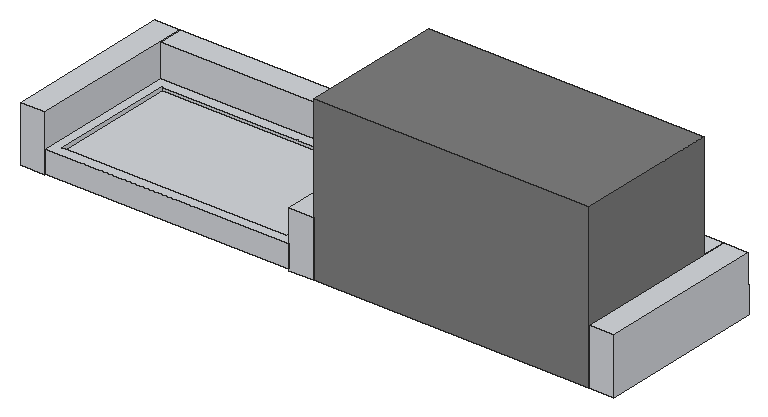
Revit family "Mechanical_Air-Curtain_Ready-Access_Fly-Fan", category Mechanical Equipment, host Face, Revit 2026
Family settings
  Host = Face
  Round Connector Dimension = Use Diameter
  Part Type = Normal
  Classification Number = 23.75.70.21.17
  Cut with Voids When Loaded = No
  Maintain Annotation Orientation = No
  Shared = No
  Room Calculation Point = No
Parameters (values of type "For 600 Series International")
  Warranty Duration (Years) = 0
  Wall Thickness_Report [instance] = 1' - 2.75288"
  Wall Thickness [instance] = 1' - 2.75288"
  Unit Width = 3' - 11 1/2"
  Unit Height = 1' - 1 1/2"
  URL = "http://www.ready-access.com/"
  Test Data = ""
  Specification = "http://www.arcat.com/sdspecs/htm04/08_56_19rea.htm"
  SpecWizard = ""
  Send Message = "http://www.arcat.com/users.pl?action=UserEmail&amp;company=Ready+Access+Pass+Thru+Windows&amp;coid=35105&amp;rep=111&amp;fax=630-876-7767&amp;mf=04"
  Sales Information = "http://www.ready-access.com/aboutus.html"
  Revision = "R1_2014-09"
  RO Spacing_Top [instance] = 0' - 0 1/4"
  RO Spacing_Sides [instance] = 0' - 0 1/4"
  Product Properties = ""
  Product Data = "http://www.arcat.com/arcatcos/cos35/arc35105.html"
  Offset from Interior Wall [instance] = 0' - 2.8273"
  Mounting Height [instance] = 2' - 2.52597"
  Model = "AA100-600"
  Manufacturer Website = "http://www.ready-access.com/"
  Manufacturer Phone - Toll Free = "800-621-5045"
  Manufacturer Phone = "630-876-7766"
  Manufacturer Fax = "630-876-7767"
  Manufacturer Address = "1815 Arthur Dr.   West Chicago, IL 60185"
  Manufacturer = "Ready Access"
  Maintenance Schedule (Months) = 0
  Keynote = "08582"
  Jamb Thickness = 0' - 2"
  Installation-Fabrication = ""
  Installation Phase = ""
  HVAC_Outlet Velocity = 600 FPM
  Green Building-LEED = ""
  Glazing Type [instance] = "as Specified"
  Glazing Tint [instance] = none
  Glazing Configuration [instance] = "as Specified"
  Frame Finish [instance] = none
  Frame Depth = 0' - 4 1/2"
  Expected Lifespan (Years) = 0
  Electrical_Voltage = 240 V
  Electrical_Frequency = 60 Hz
  Electrical_Amperage = 3 A
  Drawn By = "Sumex Design, Inc. / Robert S. Weygant, CSI, CDT, SCIP"
  Description = "Ready Access Air Curtain Transom - Fly Fan for 600 Series as Specified"
  Default Elevation = 0' - 0"
  Copyright = "©Arcat Inc."
  Construction Details = "http://www.arcat.com/details/readyacc/prod1868.html"
  Building Codes = ""
  BiPart Panel Window = no
  Assembly Code = "D3090400"
  Air Curtain Grating Finish [instance] = Metal - Grating - Ready Access - Finish as Specified
  Air Curtain Finish [instance] = Powdercoat - Ready Access - Color as Specified
  2 Panel Window = yes
Types (6): name | Unit Width | Unit Height | Model | Jamb Thickness | Frame Depth | Electrical_Voltage | Electrical_Amperage | Description | BiPart Panel Window | 2 Panel Window
  For 600 Series International | 3' - 11 1/2" | 1' - 1 1/2" | "AA100-600" | 0' - 2" | 0' - 4 1/2" | 240 V | 3 A | "Ready Access Air Curtain Transom - Fly Fan for 600 Series as Specified" | no | yes
  For 600 Series Domestic | 3' - 11 1/2" | 1' - 1 1/2" | "AA100-600" | 0' - 2" | 0' - 4 1/2" | 115 V | 3 A | "Ready Access Air Curtain Transom - Fly Fan for 600 Series as Specified" | no | yes
  For 275 Series International | 3' - 11 1/2" | 1' - 1 1/2" | "AA100-275" | 0' - 1 3/4" | 0' - 4" | 240 V | 3 A | "Ready Access Air Curtain Transom - Fly Fan for 275 Series as Specified" | no | yes
  For 275 Series Domestic | 3' - 11 1/2" | 1' - 1 1/2" | "AA100-275" | 0' - 1 3/4" | 0' - 4" | 115 V | 3 A | "Ready Access Air Curtain Transom - Fly Fan for 275 Series as Specified" | no | yes
  For 131 Series International | 4' - 5 1/2" | 1' - 1 3/4" | "AA100-131" | 0' - 1 3/4" | 0' - 4" | 240 V | 8 A | "Ready Access Air Curtain Transom - Fly Fan for 131 Series as Specified" | yes | no
  For 131 Series Domestic | 4' - 5 1/2" | 1' - 1 3/4" | "AA100-131" | 0' - 1 3/4" | 0' - 4" | 115 V | 15 A | "Ready Access Air Curtain Transom - Fly Fan for 131 Series as Specified" | yes | no
Reference planes (in)
  plane 1 "Center (Front/Back)": y = -3.25
  plane 2: z = 0
  plane 3 "Center (Left/Right)": x = 0
  plane 4: y = 3.5
  plane 5: y = -10
  plane 6: x = -23.75
  plane 7: x = 23.75
  plane 8 "FF": y = -36.52597
  plane 9: z = -2.8273
  plane 10: z = -7.3273
  plane 11: x = -21.75
  plane 12: x = 21.75
  plane 13: y = 1.5
  plane 14: z = -14.75288
  plane 15: y = -9.75
  plane 16: y = 1.25
  plane 17: x = -0.25
  plane 18: x = -10.25
  plane 19: x = 10.25
Forms (in)
  Extrusion 1, solid, material <- "Frame Finish"
    sketch origin (0, -3.25, 0) x (1, 0, 0) y (0, 0, 1)
      loop
        line (-23.75, -2.8273) -> (-23.75, -7.3273) -> (-21.75, -7.3273) -> (-21.75, -2.8273) -> (-23.75, -2.8273)
      loop
        line (23.75, -2.8273) -> (21.75, -2.8273) -> (21.75, -7.3273) -> (23.75, -7.3273) -> (23.75, -2.8273)
    from -6.75 to 6.75
  Extrusion 2, solid, material <- "Frame Finish"
    sketch origin (0, 0, 0) x (0, 1, 0) y (0, 0, 1)
      loop
        line (3.5, -2.8273) -> (1.5, -2.8273) -> (1.5, -7.3273) -> (3.5, -7.3273) -> (3.5, -2.8273)
    from -21.75 to 21.75
  Extrusion 3, solid, material "Powdercoat - Ready Access - Color as Specified" <- "Air Curtain Finish", visible <- "2 Panel Window"
    sketch origin (-11.83813, -10, 48) x (-1, 0, 0) y (0, 0, 1)
      loop
        line (-11.58813, -42.3273) -> (-33.58813, -42.3273) -> (-33.58813, -55.3273) -> (-11.58813, -55.3273) -> (-11.58813, -42.3273)
    from 0 to 11.5
  Extrusion 4, void
    sketch origin (0, 0, 0) x (1, 0, 0) y (0, 1, 0)
      loop
        line (-24, 3.75) -> (-24, -10) -> (24, -10) -> (24, 3.75) -> (-24, 3.75)
    from -14.75288 to 0
  Sweep 5, solid, material <- "Frame Finish", visible <- "2 Panel Window"
    path origin (0, 0, 0) x (1, 0, 0) y (0, 1, 0)
      loop
        line (-21.75, 1.5) -> (-21.75, -10) -> (-2.25, -10) -> (-2.25, 1.5) -> (-21.75, 1.5)
    profile origin (-21.75, -4.25, 0) x (1, 0, 0) y (0, 0, 1)
      loop
        line (0, -5.42105) -> (0, -7.23355) -> (0.75, -7.23355) -> (0.75, -6.4523) -> (0.25, -6.4523) -> (0.25, -6.2023) -> (0.75, -6.2023) -> (0.75, -5.42105) -> (0, -5.42105)
  Extrusion 6, solid, material <- "Frame Finish", visible <- "2 Panel Window"
    sketch origin (0, 0, 0) x (1, 0, 0) y (0, 1, 0)
      loop
        line (-2.25, 1.5) -> (-2.25, -10) -> (-0.25, -10) -> (-0.25, 1.5) -> (-2.25, 1.5)
    from -7.3273 to -2.8273
  Extrusion 7, solid, material <- "Glazing Tint", visible <- "2 Panel Window"
    sketch origin (0, -3.25, -2) x (1, 0, 0) y (0, 0, 1)
      loop
        line (-21.5, -3.7023) -> (-21.5, -3.9523) -> (-2.25, -3.9523) -> (-2.25, -3.7023) -> (-21.5, -3.7023)
    from -4.5 to 6.5
  Extrusion 8, solid, material "Powdercoat - Ready Access - Color as Specified" <- "Air Curtain Finish", visible <- "BiPart Panel Window"
    sketch origin (0, -3.25, 0) x (1, 0, 0) y (0, 0, 1)
      loop
        line (-10.25, -7.3273) -> (10.25, -7.3273) -> (10.25, 5.6727) -> (-10.25, 5.6727) -> (-10.25, -7.3273)
    from -4.75 to 6.75
  Extrusion 9, solid, material <- "Frame Finish", visible <- "BiPart Panel Window"
    sketch origin (0, 0, 0) x (1, 0, 0) y (0, 1, 0)
      loop
        line (-10.25, 1.5) -> (-12.25, 1.5) -> (-12.25, -10) -> (-10.25, -10) -> (-10.25, 1.5)
      loop
        line (10.25, 1.5) -> (10.25, -10) -> (12.25, -10) -> (12.25, 1.5) -> (10.25, 1.5)
    from -7.3273 to -2.8273
  Sweep 10, solid, material <- "Frame Finish", visible <- "BiPart Panel Window"
    path origin (0, 0, 0) x (1, 0, 0) y (0, 1, 0)
      loop
        line (-21.75, 1.5) -> (-21.75, -10) -> (-12.25, -10) -> (-12.25, 1.5) -> (-21.75, 1.5)
    profile origin (-17, 1.5, 0) x (0, 1, 0) y (0, 0, 1)
      loop
        line (-0.75, -5.42105) -> (-0.75, -6.2023) -> (-0.25, -6.2023) -> (-0.25, -6.4523) -> (-0.75, -6.4523) -> (-0.75, -7.23355) -> (0, -7.23355) -> (0, -5.42105) -> (-0.75, -5.42105)
  Sweep 11, solid, material <- "Frame Finish", visible <- "BiPart Panel Window"
    path origin (0, 0, 0) x (-1, 0, 0) y (0, 1, 0)
      loop
        line (-21.75, 1.5) -> (-21.75, -10) -> (-12.25, -10) -> (-12.25, 1.5) -> (-21.75, 1.5)
    profile origin (17, 1.5, 0) x (0, -1, 0) y (0, 0, 1)
      loop
        line (0.75, -5.42105) -> (0, -5.42105) -> (0, -7.23355) -> (0.75, -7.23355) -> (0.75, -6.4523) -> (0.25, -6.4523) -> (0.25, -6.2023) -> (0.75, -6.2023) -> (0.75, -5.42105)
  Extrusion 12, solid, material <- "Glazing Tint", visible <- "BiPart Panel Window"
    sketch origin (0, -3.25, -2) x (1, 0, 0) y (0, 0, 1)
      loop
        line (-12.5, -3.7023) -> (-21.5, -3.7023) -> (-21.5, -3.9523) -> (-12.5, -3.9523) -> (-12.5, -3.7023)
      loop
        line (12.5, -3.7023) -> (12.5, -3.9523) -> (21.5, -3.9523) -> (21.5, -3.7023) -> (12.5, -3.7023)
    from -4.5 to 6.5
Lines and regions (in)
  model lines, style "MechanicalEquipmentHiddenLines", visible <- "2 Panel Window"
    curve 1: line (21.75, -10, -2.8273) -> (21.75, -10, 5.6727)
    curve 2: line (21.75, -10, 5.6727) -> (-0.25, -10, 5.6727)
    curve 3: line (-0.25, -10, 5.6727) -> (-0.25, -10, -2.8273)
  model lines, style "InvisibleLines"
    curve 4: line (0, 3.5, 0) -> (0, -36.52597, 0)
  model lines, style "MechanicalEquipmentHiddenLines", visible <- "BiPart Panel Window"
    curve 5: line (-10.25, -10, -2.8273) -> (-10.25, -10, 5.6727)
    curve 6: line (-10.25, -10, 5.6727) -> (10.25, -10, 5.6727)
    curve 7: line (10.25, -10, 5.6727) -> (10.25, -10, -2.8273)
Dimensions and locks (in)
  equal spacing: plane 4, plane 1 "Center (Front/Back)", plane 5
  "Unit Height": plane 4 to plane 5
  equal spacing: plane 6, plane 3 "Center (Left/Right)", plane 7
  "Unit Width": plane 6 to plane 7
  "Frame Depth": plane 9 to plane 10
  "Offset from Interior Wall": level to plane 9
  "Jamb Thickness": plane 11 to plane 6
  "Jamb Thickness": plane 7 to plane 12
  "Jamb Thickness": Extrusion 2 sketch curve to plane 4
  locked: curve 3 to plane 12 at 22
  locked: Extrusion 3 sketch curve to plane 12 at 22
  locked: Extrusion 3 sketch curve to plane 10 at 13
  "Jamb Thickness": plane 13 to plane 4
  "Wall Thickness": level to plane 14
  "Wall Thickness_Report": level to plane 14
  locked: Extrusion 7 sketch curve to plane 12 at 24
  locked: plane 11 to Extrusion 7 sketch curve at 0.25
  locked: plane 5 to plane 15 at 0.25
  locked: plane 16 to plane 13 at 0.25
  locked: Extrusion 8 sketch curve to plane 10 at 13
  Extrusion 8 sketch curve to plane 3 "Center (Left/Right)" to Extrusion 8 sketch curve = 0' - 10 1/4" locked, 0' - 10 1/4" locked
  locked: Extrusion 9 sketch curve to plane 3 "Center (Left/Right)" at 10.25
  "Jamb Thickness": Extrusion 9 sketch curve to Extrusion 9 sketch curve  (x2)
  locked: plane 3 "Center (Left/Right)" to Extrusion 9 sketch curve at 10.25
  locked: Extrusion 6 sketch curve to plane 12 at 22
  "Jamb Thickness": Extrusion 6 sketch curve to Extrusion 6 sketch curve
  locked: plane 17 to plane 12 at 22
  "Jamb Thickness": Sweep 5 sketch curve to plane 17
  locked: plane 18 to plane 3 "Center (Left/Right)" at 10.25
  "Jamb Thickness": Sweep 10 sketch curve to plane 18
  "Jamb Thickness": Sweep 11 sketch curve to plane 19
  locked: plane 3 "Center (Left/Right)" to plane 19 at 10.25
  locked: plane 11 to Extrusion 12 sketch curve at 0.25
  locked: Extrusion 12 sketch curve to plane 12 at 0.25
  curve 7 to plane 3 "Center (Left/Right)" to curve 5 = 0' - 10 1/4" locked, 0' - 10 1/4" locked
  locked: curve 2 to plane 10 at 13
  locked: curve 6 to plane 10 at 13
  "Mounting Height": plane 5 to plane 8 "FF"
  "RO Spacing_Top": Extrusion 4 sketch curve to plane 4
  "RO Spacing_Sides": Extrusion 4 sketch curve to plane 6
  "RO Spacing_Sides": plane 7 to Extrusion 4 sketch curve
  Sweep 11 sketch curve to Sweep 11 sketch curve to Sweep 11 sketch curve to Sweep 11 sketch curve to plane 10 = 0' - 0 25/32" locked, 0' - 0 1/4" locked, 0' - 0 25/32" locked, 0' - 0 3/32" locked
  Sweep 5 sketch curve to Sweep 5 sketch curve to Sweep 5 sketch curve to Sweep 5 sketch curve to plane 10 = 0' - 0 25/32" locked, 0' - 0 1/4" locked, 0' - 0 25/32" locked, 0' - 0 3/32" locked
  Sweep 10 sketch curve to Sweep 10 sketch curve to Sweep 10 sketch curve to Sweep 10 sketch curve to plane 10 = 0' - 0 25/32" locked, 0' - 0 1/4" locked, 0' - 0 25/32" locked, 0' - 0 3/32" locked
  aligned and locked: plane 2 to host face
  aligned and locked: level to host face
  aligned and locked: Extrusion 1 to plane 11
  aligned and locked: plane 12 to Extrusion 1
  aligned and locked: Extrusion 1 to plane 9
  aligned and locked: plane 10 to Extrusion 1
  aligned and locked: plane 9 to Extrusion 1
  aligned and locked: Extrusion 1 to plane 10
  aligned and locked: Extrusion 1 to plane 6
  aligned and locked: plane 7 to Extrusion 1
  aligned and locked: Extrusion 1 to plane 4
  aligned and locked: Extrusion 1 to plane 5
  aligned and locked: plane 4 to Extrusion 2 sketch curve
  aligned and locked: plane 9 to Extrusion 2 sketch curve
  aligned and locked: Extrusion 2 sketch curve to plane 10
  aligned and locked: plane 11 to Extrusion 2
  aligned and locked: Extrusion 2 to plane 12
  aligned and locked: plane 4 to curve 4
  aligned and locked: plane 8 "FF" to curve 4
  aligned and locked: curve 4 to plane 3 "Center (Left/Right)"
  aligned and locked: Extrusion 3 sketch curve to plane 12
  aligned and locked: Extrusion 3 sketch curve to plane 10
  aligned and locked: Extrusion 3 to plane 13
  aligned and locked: Extrusion 4 sketch curve to plane 5
  aligned and locked: Extrusion 4 to plane 14
  aligned and locked: level to Extrusion 4
  aligned and locked: plane 13 to Sweep 5 sketch curve
  aligned and locked: plane 5 to Sweep 5 sketch curve
  aligned and locked: plane 11 to Sweep 5 sketch curve
  aligned and locked: plane 13 to Extrusion 6 sketch curve
  aligned and locked: plane 5 to Extrusion 6 sketch curve
  aligned and locked: Extrusion 6 to plane 10
  aligned and locked: plane 9 to Extrusion 6
  aligned and locked: plane 15 to Extrusion 7
  aligned and locked: Extrusion 7 to plane 16
  aligned and locked: Extrusion 8 sketch curve to plane 10
  aligned and locked: Extrusion 8 to plane 13
  aligned and locked: Extrusion 8 to plane 5
  aligned and locked: Extrusion 9 to plane 10
  aligned and locked: plane 9 to Extrusion 9
  aligned and locked: plane 13 to Sweep 10 sketch curve
  aligned and locked: Sweep 10 sketch curve to plane 11
  aligned and locked: plane 5 to Sweep 10 sketch curve
  aligned and locked: Sweep 11 sketch curve to plane 13
  aligned and locked: Sweep 11 sketch curve to plane 12
  aligned and locked: Sweep 11 sketch curve to plane 5
  aligned and locked: Sweep 10 to Extrusion 12 sketch curve
  aligned and locked: Sweep 11 to Extrusion 12 sketch curve
  aligned and locked: Extrusion 12 to plane 16
  aligned and locked: plane 15 to Extrusion 12
  aligned and locked: plane 9 to curve 7
  aligned and locked: plane 9 to curve 5
  aligned and locked: plane 9 to curve 3
  aligned and locked: curve 1 to plane 9
Automatic sketch dimensions
  host sketch curve to host sketch curve = 8' - 0"  (x2)
  Extrusion 1 sketch curve to plane 6 = 0' - 0"
  Extrusion 1 sketch curve to plane 10 = 0' - 0"  (x2)
  plane 11 to Extrusion 1 sketch curve = 0' - 0"
  plane 12 to Extrusion 1 sketch curve = 0' - 0"
  Extrusion 1 sketch curve to plane 7 = 0' - 0"
  Extrusion 1 sketch curve to plane 9 = 0' - 0"  (x2)
  plane 12 to curve 1 = 0' - 0"
  profile plane to Sweep 5 sketch curve = 0' - 0"
  Sweep 5 sketch curve to profile plane = 0' - 0 1/4"
  Sweep 5 sketch curve to Sweep 5 sketch curve = 0' - 0 1/2"
  Sweep 5 sketch curve to Sweep 5 sketch curve = 0' - 0 3/4"
  Extrusion 7 sketch curve to plane 9 = 0' - 3 1/8"
  Extrusion 7 sketch curve to Extrusion 7 sketch curve = 0' - 0 1/4"
  Extrusion 9 sketch curve to plane 5 = 0' - 0"  (x2)
  plane 13 to Extrusion 9 sketch curve = 0' - 0"  (x2)
  Sweep 10 sketch curve to profile plane = 0' - 0"
  profile plane to Sweep 10 sketch curve = 0' - 0 1/4"
  Sweep 10 sketch curve to Sweep 10 sketch curve = 0' - 0 1/2"
  Sweep 10 sketch curve to Sweep 10 sketch curve = 0' - 0"
  Sweep 11 sketch curve to profile plane = 0' - 0"
  Sweep 11 sketch curve to profile plane = 0' - 0 1/4"
  Sweep 11 sketch curve to Sweep 11 sketch curve = 0' - 0 1/2"
  Sweep 11 sketch curve to profile plane = 0' - 0 3/4"
  Extrusion 12 sketch curve to plane 9 = 0' - 3 1/8"
  Extrusion 12 sketch curve to plane 9 = 0' - 2 7/8"
  Extrusion 12 sketch curve to Extrusion 12 sketch curve = 0' - 0 1/4"  (x2)
Connectors (in)
  electrical at (0, 2.5, -2.8273), driven by "Electrical_Voltage"
    settings: on Extrusion 2, index 1, voltage 240 V, apparent load 0 VA, apparent load phase1 0 VA, apparent load phase2 0 VA, apparent load phase3 0 VA, power factor 1, load classification "Other", number of poles 1, system type 31, power factor state 1, is connector primary yes, connector utility no, sub classification motor no, connector description ""
